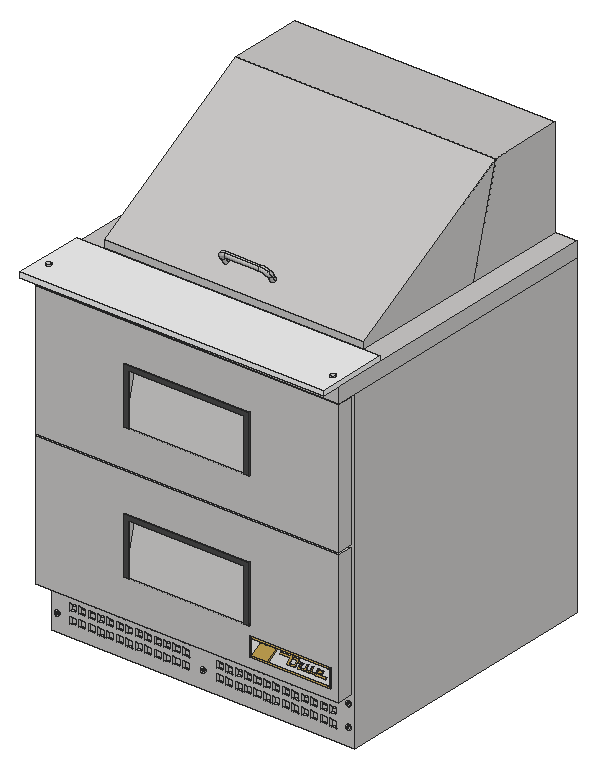
Revit family
Parameters
  Weight = "315 lbs."
  Watts = FL Amps * Volts  # 379.5 W
  Volts = 115 V
  URL Manufacturer = "www.truemfg.com"
  URL Cutsheet = "www.truemfg.com"
  URL = "www.truemfg.com"
  Type Mark [instance] = ""
  Status [instance] = ""
  Specification by User [instance] = ""
  Specification by Manufacturer = ""
  Show Logo [instance] = yes
  Show Clearance [instance] = yes
  Serial Number = ""
  Seismic Rating = ""
  SMACNA No = ""
  Revision Code [instance] = ""
  Phase = 1
  Omniclass Number and Title = ""
  Number of Poles [instance] = 1
  NAFEM Spec ID Number = ""
  Model = "TFP-32-12M-D-2"
  Min Ckt Ampacity = 3.3 A
  Max Overcurrent Protection = 5 A
  MasterSpec. = ""
  Manufacturer = "TRUE FOOD SERVICE EQUIPMENT, INC."
  Item Number [instance] = ""
  Installed By [instance] = ""
  Identify Quantity as Lot [instance] = yes
  HP = "1/5"
  Furnished By [instance] = ""
  Foodservice Equipment Identifier [instance] = yes
  FL Amps = 3.3 A
  Electrical Remarks [instance] = ""
  Electric Connection Type [instance] = ""
  Elec Conn RI Height [instance] = 0"
  Elec Conn Connection Height [instance] = 0"
  Description = "Drawered Food Prep Unit"
  Cycle = 60 Hz
  Conn Plug NEMA = "NEMA 5-15P"
  Conn Conduit = yes
  CSI MasterFormat = ""
  CSI Master Format = ""
  Apparent Power = if(Phase = 3, Volts * FL Amps * 1.73, Volts * FL Amps)  # 379.5 VA
Reference planes (in)
  plane 1 "BACK": y = -16.5
  plane 2: z = 0
  plane 3 "LEFT": x = 0
  plane 4 "RIGHT": x = 32.125
  plane 5 "FRONT": y = -50.03125
  plane 6 "TOP": z = 46.5
Forms (in)
  Extrusion 1, solid, material "QF_Finishes_Stainless Steel"
    sketch origin (8, -16, 0) x (1, 0, 0) y (0, 0, 1)
      loop
        line (-8, 0.75) -> (24.125, 0.75) -> (24.125, 6.05001) -> (-8, 6.05001) -> (-8, 0.75)
      loop
        line (-6.10691, 5.23339) -> (-6.10691, 4.48339) -> (-5.35691, 4.48339) -> (-5.35691, 5.23339) -> (-6.10691, 5.23339)
      loop
        line (-4.10691, 5.23339) -> (-4.10691, 4.48339) -> (-3.35691, 4.48339) -> (-3.35691, 5.23339) -> (-4.10691, 5.23339)
      loop
        line (-2.10691, 5.23339) -> (-2.10691, 4.48339) -> (-1.35691, 4.48339) -> (-1.35691, 5.23339) -> (-2.10691, 5.23339)
      loop
        line (-0.10691, 5.23339) -> (-0.10691, 4.48339) -> (0.64309, 4.48339) -> (0.64309, 5.23339) -> (-0.10691, 5.23339)
      loop
        line (1.89309, 5.23339) -> (1.89309, 4.48339) -> (2.64309, 4.48339) -> (2.64309, 5.23339) -> (1.89309, 5.23339)
      loop
        line (3.89309, 5.23339) -> (3.89309, 4.48339) -> (4.64309, 4.48339) -> (4.64309, 5.23339) -> (3.89309, 5.23339)
      loop
        line (5.89309, 5.23339) -> (5.89309, 4.48339) -> (6.64309, 4.48339) -> (6.64309, 5.23339) -> (5.89309, 5.23339)
      loop
        line (-6.10691, 3.98339) -> (-6.10691, 3.23339) -> (-5.35691, 3.23339) -> (-5.35691, 3.98339) -> (-6.10691, 3.98339)
      loop
        line (-4.10691, 3.98339) -> (-4.10691, 3.23339) -> (-3.35691, 3.23339) -> (-3.35691, 3.98339) -> (-4.10691, 3.98339)
      loop
        line (-2.10691, 3.98339) -> (-2.10691, 3.23339) -> (-1.35691, 3.23339) -> (-1.35691, 3.98339) -> (-2.10691, 3.98339)
      loop
        line (-0.10691, 3.98339) -> (-0.10691, 3.23339) -> (0.64309, 3.23339) -> (0.64309, 3.98339) -> (-0.10691, 3.98339)
      loop
        line (1.89309, 3.98339) -> (1.89309, 3.23339) -> (2.64309, 3.23339) -> (2.64309, 3.98339) -> (1.89309, 3.98339)
      loop
        line (3.89309, 3.98339) -> (3.89309, 3.23339) -> (4.64309, 3.23339) -> (4.64309, 3.98339) -> (3.89309, 3.98339)
      loop
        line (5.89309, 3.98339) -> (5.89309, 3.23339) -> (6.64309, 3.23339) -> (6.64309, 3.98339) -> (5.89309, 3.98339)
      loop
        line (-6.10691, 2.73339) -> (-6.10691, 1.98339) -> (-5.35691, 1.98339) -> (-5.35691, 2.73339) -> (-6.10691, 2.73339)
      loop
        line (-4.10691, 2.73339) -> (-4.10691, 1.98339) -> (-3.35691, 1.98339) -> (-3.35691, 2.73339) -> (-4.10691, 2.73339)
      loop
        line (-2.10691, 2.73339) -> (-2.10691, 1.98339) -> (-1.35691, 1.98339) -> (-1.35691, 2.73339) -> (-2.10691, 2.73339)
      loop
        line (-0.10691, 2.73339) -> (-0.10691, 1.98339) -> (0.64309, 1.98339) -> (0.64309, 2.73339) -> (-0.10691, 2.73339)
      loop
        line (1.89309, 2.73339) -> (1.89309, 1.98339) -> (2.64309, 1.98339) -> (2.64309, 2.73339) -> (1.89309, 2.73339)
      loop
        line (3.89309, 2.73339) -> (3.89309, 1.98339) -> (4.64309, 1.98339) -> (4.64309, 2.73339) -> (3.89309, 2.73339)
      loop
        line (5.89309, 2.73339) -> (5.89309, 1.98339) -> (6.64309, 1.98339) -> (6.64309, 2.73339) -> (5.89309, 2.73339)
      loop
        line (22.23191, 5.23339) -> (21.48191, 5.23339) -> (21.48191, 4.48339) -> (22.23191, 4.48339) -> (22.23191, 5.23339)
      loop
        line (20.23191, 5.23339) -> (19.48191, 5.23339) -> (19.48191, 4.48339) -> (20.23191, 4.48339) -> (20.23191, 5.23339)
      loop
        line (18.23191, 5.23339) -> (17.48191, 5.23339) -> (17.48191, 4.48339) -> (18.23191, 4.48339) -> (18.23191, 5.23339)
      loop
        line (16.23191, 5.23339) -> (15.48191, 5.23339) -> (15.48191, 4.48339) -> (16.23191, 4.48339) -> (16.23191, 5.23339)
      loop
        line (14.23191, 5.23339) -> (13.48191, 5.23339) -> (13.48191, 4.48339) -> (14.23191, 4.48339) -> (14.23191, 5.23339)
      loop
        line (12.23191, 5.23339) -> (11.48191, 5.23339) -> (11.48191, 4.48339) -> (12.23191, 4.48339) -> (12.23191, 5.23339)
      loop
        line (10.23191, 5.23339) -> (9.48191, 5.23339) -> (9.48191, 4.48339) -> (10.23191, 4.48339) -> (10.23191, 5.23339)
      loop
        line (22.23191, 3.98339) -> (21.48191, 3.98339) -> (21.48191, 3.23339) -> (22.23191, 3.23339) -> (22.23191, 3.98339)
      loop
        line (20.23191, 3.98339) -> (19.48191, 3.98339) -> (19.48191, 3.23339) -> (20.23191, 3.23339) -> (20.23191, 3.98339)
      loop
        line (18.23191, 3.98339) -> (17.48191, 3.98339) -> (17.48191, 3.23339) -> (18.23191, 3.23339) -> (18.23191, 3.98339)
      loop
        line (16.23191, 3.98339) -> (15.48191, 3.98339) -> (15.48191, 3.23339) -> (16.23191, 3.23339) -> (16.23191, 3.98339)
      loop
        line (14.23191, 3.98339) -> (13.48191, 3.98339) -> (13.48191, 3.23339) -> (14.23191, 3.23339) -> (14.23191, 3.98339)
      loop
        line (12.23191, 3.98339) -> (11.48191, 3.98339) -> (11.48191, 3.23339) -> (12.23191, 3.23339) -> (12.23191, 3.98339)
      loop
        line (10.23191, 3.98339) -> (9.48191, 3.98339) -> (9.48191, 3.23339) -> (10.23191, 3.23339) -> (10.23191, 3.98339)
      loop
        line (22.23191, 2.73339) -> (21.48191, 2.73339) -> (21.48191, 1.98339) -> (22.23191, 1.98339) -> (22.23191, 2.73339)
      loop
        line (20.23191, 2.73339) -> (19.48191, 2.73339) -> (19.48191, 1.98339) -> (20.23191, 1.98339) -> (20.23191, 2.73339)
      loop
        line (18.23191, 2.73339) -> (17.48191, 2.73339) -> (17.48191, 1.98339) -> (18.23191, 1.98339) -> (18.23191, 2.73339)
      loop
        line (16.23191, 2.73339) -> (15.48191, 2.73339) -> (15.48191, 1.98339) -> (16.23191, 1.98339) -> (16.23191, 2.73339)
      loop
        line (14.23191, 2.73339) -> (13.48191, 2.73339) -> (13.48191, 1.98339) -> (14.23191, 1.98339) -> (14.23191, 2.73339)
      loop
        line (12.23191, 2.73339) -> (11.48191, 2.73339) -> (11.48191, 1.98339) -> (12.23191, 1.98339) -> (12.23191, 2.73339)
      loop
        line (10.23191, 2.73339) -> (9.48191, 2.73339) -> (9.48191, 1.98339) -> (10.23191, 1.98339) -> (10.23191, 2.73339)
      loop
        line (-5.10691, 5.23339) -> (-5.10691, 4.48339) -> (-4.35691, 4.48339) -> (-4.35691, 5.23339) -> (-5.10691, 5.23339)
      loop
        line (-5.10691, 3.98339) -> (-5.10691, 3.23339) -> (-4.35691, 3.23339) -> (-4.35691, 3.98339) -> (-5.10691, 3.98339)
      loop
        line (-5.10691, 2.73339) -> (-5.10691, 1.98339) -> (-4.35691, 1.98339) -> (-4.35691, 2.73339) -> (-5.10691, 2.73339)
      loop
        line (-3.10691, 5.23339) -> (-3.10691, 4.48339) -> (-2.35691, 4.48339) -> (-2.35691, 5.23339) -> (-3.10691, 5.23339)
      loop
        line (-3.10691, 3.98339) -> (-3.10691, 3.23339) -> (-2.35691, 3.23339) -> (-2.35691, 3.98339) -> (-3.10691, 3.98339)
      loop
        line (-3.10691, 2.73339) -> (-3.10691, 1.98339) -> (-2.35691, 1.98339) -> (-2.35691, 2.73339) -> (-3.10691, 2.73339)
      loop
        line (-1.10691, 5.23339) -> (-1.10691, 4.48339) -> (-0.35691, 4.48339) -> (-0.35691, 5.23339) -> (-1.10691, 5.23339)
      loop
        line (-1.10691, 3.98339) -> (-1.10691, 3.23339) -> (-0.35691, 3.23339) -> (-0.35691, 3.98339) -> (-1.10691, 3.98339)
      loop
        line (-1.10691, 2.73339) -> (-1.10691, 1.98339) -> (-0.35691, 1.98339) -> (-0.35691, 2.73339) -> (-1.10691, 2.73339)
      loop
        line (0.89309, 5.23339) -> (0.89309, 4.48339) -> (1.64309, 4.48339) -> (1.64309, 5.23339) -> (0.89309, 5.23339)
      loop
        line (0.89309, 3.98339) -> (0.89309, 3.23339) -> (1.64309, 3.23339) -> (1.64309, 3.98339) -> (0.89309, 3.98339)
      loop
        line (0.89309, 2.73339) -> (0.89309, 1.98339) -> (1.64309, 1.98339) -> (1.64309, 2.73339) -> (0.89309, 2.73339)
      loop
        line (2.89309, 5.23339) -> (2.89309, 4.48339) -> (3.64309, 4.48339) -> (3.64309, 5.23339) -> (2.89309, 5.23339)
      loop
        line (2.89309, 3.98339) -> (2.89309, 3.23339) -> (3.64309, 3.23339) -> (3.64309, 3.98339) -> (2.89309, 3.98339)
      loop
        line (2.89309, 2.73339) -> (2.89309, 1.98339) -> (3.64309, 1.98339) -> (3.64309, 2.73339) -> (2.89309, 2.73339)
      loop
        line (4.89309, 5.23339) -> (4.89309, 4.48339) -> (5.64309, 4.48339) -> (5.64309, 5.23339) -> (4.89309, 5.23339)
      loop
        line (4.89309, 3.98339) -> (4.89309, 3.23339) -> (5.64309, 3.23339) -> (5.64309, 3.98339) -> (4.89309, 3.98339)
      loop
        line (4.89309, 2.73339) -> (4.89309, 1.98339) -> (5.64309, 1.98339) -> (5.64309, 2.73339) -> (4.89309, 2.73339)
      loop
        line (10.48191, 5.23339) -> (10.48191, 4.48339) -> (11.23191, 4.48339) -> (11.23191, 5.23339) -> (10.48191, 5.23339)
      loop
        line (10.48191, 3.98339) -> (10.48191, 3.23339) -> (11.23191, 3.23339) -> (11.23191, 3.98339) -> (10.48191, 3.98339)
      loop
        line (10.48191, 2.73339) -> (10.48191, 1.98339) -> (11.23191, 1.98339) -> (11.23191, 2.73339) -> (10.48191, 2.73339)
      loop
        line (12.48191, 5.23339) -> (12.48191, 4.48339) -> (13.23191, 4.48339) -> (13.23191, 5.23339) -> (12.48191, 5.23339)
      loop
        line (12.48191, 3.98339) -> (12.48191, 3.23339) -> (13.23191, 3.23339) -> (13.23191, 3.98339) -> (12.48191, 3.98339)
      loop
        line (12.48191, 2.73339) -> (12.48191, 1.98339) -> (13.23191, 1.98339) -> (13.23191, 2.73339) -> (12.48191, 2.73339)
      loop
        line (14.48191, 5.23339) -> (14.48191, 4.48339) -> (15.23191, 4.48339) -> (15.23191, 5.23339) -> (14.48191, 5.23339)
      loop
        line (14.48191, 3.98339) -> (14.48191, 3.23339) -> (15.23191, 3.23339) -> (15.23191, 3.98339) -> (14.48191, 3.98339)
      loop
        line (14.48191, 2.73339) -> (14.48191, 1.98339) -> (15.23191, 1.98339) -> (15.23191, 2.73339) -> (14.48191, 2.73339)
      loop
        line (16.48191, 5.23339) -> (16.48191, 4.48339) -> (17.23191, 4.48339) -> (17.23191, 5.23339) -> (16.48191, 5.23339)
      loop
        line (16.48191, 3.98339) -> (16.48191, 3.23339) -> (17.23191, 3.23339) -> (17.23191, 3.98339) -> (16.48191, 3.98339)
      loop
        line (16.48191, 2.73339) -> (16.48191, 1.98339) -> (17.23191, 1.98339) -> (17.23191, 2.73339) -> (16.48191, 2.73339)
      loop
        line (18.48191, 5.23339) -> (18.48191, 4.48339) -> (19.23191, 4.48339) -> (19.23191, 5.23339) -> (18.48191, 5.23339)
      loop
        line (18.48191, 3.98339) -> (18.48191, 3.23339) -> (19.23191, 3.23339) -> (19.23191, 3.98339) -> (18.48191, 3.98339)
      loop
        line (18.48191, 2.73339) -> (18.48191, 1.98339) -> (19.23191, 1.98339) -> (19.23191, 2.73339) -> (18.48191, 2.73339)
      loop
        line (20.48191, 5.23339) -> (20.48191, 4.48339) -> (21.23191, 4.48339) -> (21.23191, 5.23339) -> (20.48191, 5.23339)
      loop
        line (20.48191, 3.98339) -> (20.48191, 3.23339) -> (21.23191, 3.23339) -> (21.23191, 3.98339) -> (20.48191, 3.98339)
      loop
        line (20.48191, 2.73339) -> (20.48191, 1.98339) -> (21.23191, 1.98339) -> (21.23191, 2.73339) -> (20.48191, 2.73339)
    from 29.62 to 29.87
  Extrusion 2, solid, material "QF_Finishes_Stainless Steel"
    sketch origin (0.125, 0, 0) x (0, 1, 0) y (0, 0, 1)
      loop
        line (-16.5, 36) -> (-16.5, 46.5) -> (-24.34375, 46.5) -> (-27.1875, 36) -> (-16.5, 36)
    from 2.18737 to 29.68737
  Extrusion 3, solid, material "QF_Finishes_Stainless Steel"
    sketch origin (0, 0, 0) x (0, 1, 0) y (0, 0, 1)
      loop
        line (-27.1875, 36) -> (-24.34375, 46.5) -> (-41.71875, 36.68893) -> (-41.71875, 36) -> (-27.1875, 36)
    from 2.31237 to 29.81237
  Extrusion 4, solid, material "QF_Finishes_Stainless Steel"
    sketch origin (0, 0, 0) x (0, 1, 0) y (0, 0, 1)
      loop
        line (-48, 36) -> (-48, 34.40823) -> (-16.5, 34.40823) -> (-16.5, 36) -> (-48, 36)
    from 0 to 32.125
  Extrusion 5, solid, material "QF_Finishes_Stainless Steel"
    sketch origin (0, 0, 0) x (0, 1, 0) y (0, 0, 1)
      loop
        line (-45.87, 34.40823) -> (-45.87, 6.04042) -> (-16.96875, 6.04042) -> (-16.96875, 3.25) -> (-45.12, 3.25) -> (-45.12, 1) -> (-45.62, 1) -> (-45.62, 0.75) -> (-44.87, 0.75) -> (-44.87, 3) -> (-16.96875, 3) -> (-16.96875, 0.75) -> (-16.5, 0.75) -> (-16.5, 34.40823) -> (-45.87, 34.40823)
    from 0 to 32.125
  Extrusion 6, solid, material "QF_Finishes_Stainless Steel"
    sketch origin (0, -16.5, 0) x (1, 0, 0) y (0, 0, 1)
      loop
        line (0, 0.75) -> (0.53645, 0.75) -> (0.53645, 6.04042) -> (0, 6.04042) -> (0, 0.75)
      loop
        line (32.125, 0.75) -> (32.125, 6.04042) -> (31.58855, 6.04042) -> (31.58855, 0.75) -> (32.125, 0.75)
    from 0 to 29.12
  Extrusion 7, solid, material "QF_Finishes_Stainless Steel"
    sketch origin (0, -15, 0) x (1, 0, 0) y (0, 0, 1)
      loop
        line (0, 6.04042) -> (32.125, 6.04042) -> (32.125, 20.03323) -> (0, 20.03323) -> (0, 6.04042)
      loop
        line (32.125, 34.28323) -> (0, 34.28323) -> (0, 20.28323) -> (32.125, 20.28323) -> (32.125, 34.28323)
      loop
        line (9.4375, 24.28323) -> (22.6875, 24.28323) -> (22.6875, 30.28323) -> (9.4375, 30.28323) -> (9.4375, 24.28323)
      loop
        line (9.4375, 10.04042) -> (22.6875, 10.04042) -> (22.6875, 16.04042) -> (9.4375, 16.04042) -> (9.4375, 10.04042)
    from 31.44201 to 33
  Extrusion 8, solid, material "QF_Finishes_Black"
    sketch origin (0, 1.5, 0) x (0, 1, 0) y (0, 0, 1)
      loop
        line (-47.94201, 33.8406) -> (-47.94201, 20.62458) -> (-47.37, 20.62458) -> (-47.37, 33.8406) -> (-47.94201, 33.8406)
      loop
        line (-47.94201, 19.61128) -> (-47.94201, 6.82675) -> (-47.37, 6.82675) -> (-47.37, 19.61128) -> (-47.94201, 19.61128)
    from 0.53645 to 31.58855
  Extrusion 9, solid, material "QF_Finishes_Stainless Steel"
    sketch origin (0, 1.5, 0) x (0, 1, 0) y (0, 0, 1)
      loop
        line (-47.94201, 16.04042) -> (-49.5, 10.04042) -> (-47.94201, 10.04042) -> (-47.94201, 16.04042)
      loop
        line (-47.94201, 30.28323) -> (-49.5, 24.28323) -> (-47.94201, 24.28323) -> (-47.94201, 30.28323)
    from 9.4375 to 22.6875
  Extrusion 10, solid, material "QF_Finishes_Black"
    sketch origin (0, -48, 0) x (1, 0, 0) y (0, 0, 1)
      loop
        line (22.6875, 16.04042) -> (9.4375, 16.04042) -> (9.4375, 10.04042) -> (9.9375, 10.04042) -> (9.9375, 15.54042) -> (22.1875, 15.54042) -> (22.1875, 10.04042) -> (22.6875, 10.04042) -> (22.6875, 16.04042)
      loop
        line (22.6875, 30.28323) -> (9.4375, 30.28323) -> (9.4375, 24.28323) -> (9.9375, 24.28323) -> (9.9375, 29.78323) -> (22.1875, 29.78323) -> (22.1875, 24.28323) -> (22.6875, 24.28323) -> (22.6875, 30.28323)
    from 0 to 0.125
  Extrusion 11, solid, material "QF_Finishes_White"
    sketch origin (0, 0, 0) x (0, 1, 0) y (0, 0, 1)
      loop
        line (-50.03125, 36.5) -> (-50.03125, 36) -> (-42.53125, 36) -> (-42.53125, 36.5) -> (-50.03125, 36.5)
    from 0 to 32.125
  Sweep 12, solid, material "QF_Finishes_Stainless Steel"
    path origin (-0.09375, -19.52146, 7.92906) x (1, 0, 0) y (0, -0.560766, 0.827974)
      loop
        line (18.42574, 36.0969) -> (18.42574, 36.8469)
        arc (18.42574, 36.8469) -> (18.29892, 37.15309) -> (17.99273, 37.27992) r 0.43301
        line (17.99273, 37.27992) -> (14.37051, 37.27992)
        arc (14.37051, 37.27992) -> (14.06433, 37.15309) -> (13.9375, 36.8469) r 0.43301
        line (13.9375, 36.8469) -> (13.9375, 36.0969)
    profile origin (13.84375, -39.97367, 38.12686) x (1, 0, 0) y (0, -0.827974, -0.560766)
      loop
        circle (-0.25, 0) r 0.25
  Extrusion 13, solid, material "QF_Finishes_Handrails and Railings"
    sketch origin (0, -45.87, 0) x (1, 0, 0) y (0, 0, 1)
      loop
        circle (0.625, 4.80001) r 0.25
      loop
        circle (0.625, 2.55001) r 0.25
      loop
        line (0.60938, 4.93254) -> (0.60938, 4.81564) -> (0.49788, 4.81564) -> (0.49788, 4.78439) -> (0.60938, 4.78439) -> (0.60938, 4.66749) -> (0.64063, 4.66749) -> (0.64063, 4.78439) -> (0.75212, 4.78439) -> (0.75212, 4.81564) -> (0.64063, 4.81564) -> (0.64063, 4.93254) -> (0.60938, 4.93254)
      loop
        line (0.60937, 2.68254) -> (0.60937, 2.56564) -> (0.49788, 2.56564) -> (0.49788, 2.53439) -> (0.60937, 2.53439) -> (0.60937, 2.41749) -> (0.64062, 2.41749) -> (0.64062, 2.53439) -> (0.75212, 2.53439) -> (0.75212, 2.56564) -> (0.64062, 2.56564) -> (0.64062, 2.68254) -> (0.60937, 2.68254)
    from 0 to 0.0625
  Extrusion 14, solid, material "QF_Finishes_Handrails and Railings"
    sketch origin (15.4375, -45.87, 0) x (1, 0, 0) y (0, 0, 1)
      loop
        circle (0.625, 4.80001) r 0.25
      loop
        circle (0.625, 2.55001) r 0.25
      loop
        line (0.60938, 4.93254) -> (0.60938, 4.81564) -> (0.49788, 4.81564) -> (0.49788, 4.78439) -> (0.60938, 4.78439) -> (0.60938, 4.66749) -> (0.64063, 4.66749) -> (0.64063, 4.78439) -> (0.75212, 4.78439) -> (0.75212, 4.81564) -> (0.64063, 4.81564) -> (0.64063, 4.93254) -> (0.60938, 4.93254)
      loop
        line (0.60937, 2.68254) -> (0.60937, 2.56564) -> (0.49788, 2.56564) -> (0.49788, 2.53439) -> (0.60937, 2.53439) -> (0.60937, 2.41749) -> (0.64062, 2.41749) -> (0.64062, 2.53439) -> (0.75212, 2.53439) -> (0.75212, 2.56564) -> (0.64062, 2.56564) -> (0.64062, 2.68254) -> (0.60937, 2.68254)
    from 0 to 0.0625
  Extrusion 15, solid, material "QF_Finishes_Handrails and Railings"
    sketch origin (32.125, -45.87, 0) x (-1, 0, 0) y (0, 0, -1)
      loop
        circle (0.625, -4.80001) r 0.25
      loop
        circle (0.625, -2.55001) r 0.25
      loop
        line (0.60938, -4.93254) -> (0.64062, -4.93254) -> (0.64062, -4.81564) -> (0.75212, -4.81564) -> (0.75212, -4.78439) -> (0.64062, -4.78439) -> (0.64062, -4.66749) -> (0.60938, -4.66749) -> (0.60938, -4.78439) -> (0.49788, -4.78439) -> (0.49788, -4.81564) -> (0.60938, -4.81564) -> (0.60938, -4.93254)
      loop
        line (0.60937, -2.68254) -> (0.64062, -2.68254) -> (0.64062, -2.56564) -> (0.75212, -2.56564) -> (0.75212, -2.53439) -> (0.64062, -2.53439) -> (0.64062, -2.41749) -> (0.60937, -2.41749) -> (0.60937, -2.53439) -> (0.49788, -2.53439) -> (0.49788, -2.56564) -> (0.60937, -2.56564) -> (0.60937, -2.68254)
    from 0 to 0.0625
  Extrusion 16, solid, material "QF_Finishes_Satin - Goldenrod", visible <- "Show Logo"
    sketch origin (21.86083, -13.23203, -22.37075) x (1, 0, 0) y (0, 0, 1)
      loop
        line (4.18351, 31.09206) -> (4.10478, 30.92323) -> (5.15208, 30.92323)
        arc (5.15208, 30.92323) -> (5.17333, 30.88564) -> (5.15208, 30.84805) r 0.04386
        line (5.15208, 30.84805) -> (4.87892, 30.26228)
        arc (4.87892, 30.26228) -> (4.87656, 30.20802) -> (4.91325, 30.16798) r 0.07096
        line (4.91325, 30.16798) -> (5.5829, 30.16798)
        arc (5.5829, 30.16798) -> (5.66746, 30.19464) -> (5.72144, 30.26498) r 0.14742
        line (5.72144, 30.26498) -> (5.9364, 30.72597) -> (6.1339, 30.72597)
        arc (6.1339, 30.72597) -> (6.18572, 30.70692) -> (6.17822, 30.65222) r 0.04405
        line (6.17822, 30.65222) -> (5.99835, 30.26649)
        arc (5.99835, 30.26649) -> (6.00115, 30.20243) -> (6.05523, 30.16798) r 0.06943
        line (6.05523, 30.16798) -> (6.64365, 30.16798)
        arc (6.64365, 30.16798) -> (6.68873, 30.18439) -> (6.71272, 30.22594) r 0.07014
        arc (6.71272, 30.22594) -> (6.7297, 30.18495) -> (6.77068, 30.16798) r 0.05796
        line (6.77068, 30.16798) -> (7.14325, 30.16798)
        arc (7.14325, 30.16798) -> (7.18629, 30.17951) -> (7.2178, 30.21102) r 0.08608
        arc (7.2178, 30.21102) -> (7.23289, 30.1746) -> (7.26931, 30.15952) r 0.0515
        line (7.26931, 30.15952) -> (7.79882, 30.15952)
        arc (7.79882, 30.15952) -> (7.84211, 30.17745) -> (7.86005, 30.22074) r 0.06122
        arc (7.86005, 30.22074) -> (7.89973, 30.18105) -> (7.95394, 30.16653) r 0.10842
        line (7.95394, 30.16653) -> (8.94586, 30.16653) -> (9.05604, 30.35737) -> (8.05555, 30.35737)
        arc (8.05555, 30.35737) -> (8.02794, 30.37652) -> (8.02691, 30.41011) r 0.03732
        line (8.02691, 30.41011) -> (8.04422, 30.44722)
        arc (8.04422, 30.44722) -> (8.07079, 30.48203) -> (8.11255, 30.49524) r 0.07263
        line (8.11255, 30.49524) -> (8.43414, 30.49524)
        arc (8.43414, 30.49524) -> (8.50355, 30.51383) -> (8.55436, 30.56465) r 0.13882
        line (8.55436, 30.56465) -> (8.6475, 30.72597)
        arc (8.6475, 30.72597) -> (8.6475, 30.81208) -> (8.57293, 30.85513) r 0.08611
        line (8.57293, 30.85513) -> (8.23352, 30.85513)
        arc (8.23352, 30.85513) -> (8.14699, 30.84044) -> (8.08663, 30.77673) r 0.13863
        line (8.08663, 30.77673) -> (7.92534, 30.43083)
        arc (7.92534, 30.43083) -> (7.87774, 30.3688) -> (7.80316, 30.34528) r 0.13002
        line (7.80316, 30.34528) -> (7.45109, 30.34528)
        arc (7.45109, 30.34528) -> (7.40895, 30.39128) -> (7.41167, 30.4536) r 0.08151
        line (7.41167, 30.4536) -> (7.59891, 30.85513) -> (7.47974, 30.85513) -> (7.28137, 30.42972)
        arc (7.28137, 30.42972) -> (7.24283, 30.37949) -> (7.18244, 30.36046) r 0.10527
        line (7.18244, 30.36046) -> (6.93967, 30.36046)
        arc (6.93967, 30.36046) -> (6.89865, 30.41392) -> (6.90744, 30.48073) r 0.08805
        line (6.90744, 30.48073) -> (7.08203, 30.85513) -> (6.95897, 30.85513) -> (6.75801, 30.42418)
        arc (6.75801, 30.42418) -> (6.71136, 30.37753) -> (6.64764, 30.36046) r 0.12745
        line (6.64764, 30.36046) -> (6.29609, 30.36046)
        arc (6.29609, 30.36046) -> (6.23295, 30.3899) -> (6.22688, 30.4593) r 0.06967
        line (6.22688, 30.4593) -> (6.34243, 30.70711) -> (6.50577, 30.70711)
        arc (6.50577, 30.70711) -> (6.53334, 30.79018) -> (6.592, 30.85513) r 0.21289
        line (6.592, 30.85513) -> (5.95369, 30.85513)
        arc (5.95369, 30.85513) -> (5.88276, 30.83941) -> (5.83367, 30.78584) r 0.12081
        line (5.83367, 30.78584) -> (5.66065, 30.4148)
        arc (5.66065, 30.4148) -> (5.62087, 30.37502) -> (5.56653, 30.36046) r 0.10869
        line (5.56653, 30.36046) -> (5.18545, 30.36046)
        arc (5.18545, 30.36046) -> (5.15571, 30.40065) -> (5.16137, 30.45033) r 0.06822
        line (5.16137, 30.45033) -> (5.41281, 30.92323) -> (6.04721, 30.92323) -> (6.12594, 31.09206) -> (5.49154, 31.09206) -> (5.57027, 31.2609) -> (5.34459, 31.2609) -> (5.26586, 31.09206) -> (4.18351, 31.09206)
      loop
        arc (8.19062, 30.70184) -> (8.16316, 30.69448) -> (8.14305, 30.67438) r 0.05494
        line (8.14305, 30.67438) -> (8.12672, 30.62415)
        arc (8.12672, 30.62415) -> (8.13429, 30.60587) -> (8.15258, 30.59829) r 0.02586
        line (8.15258, 30.59829) -> (8.43014, 30.59829)
        arc (8.43014, 30.59829) -> (8.45013, 30.60273) -> (8.46638, 30.6152) r 0.04731
        line (8.46638, 30.6152) -> (8.47988, 30.6777)
        arc (8.47988, 30.6777) -> (8.47591, 30.69443) -> (8.46039, 30.70184) r 0.01994
        line (8.46039, 30.70184) -> (8.19062, 30.70184)
      loop
        line (1.13539, 29.6475) -> (2.84485, 29.6475) -> (3.77016, 31.25018) -> (2.0607, 31.25018) -> (1.13539, 29.6475)
    from 34.76797 to 34.83173
  Extrusion 17, solid, material "QF_Finishes_White", visible <- "Show Logo"
    sketch origin (-42.64127, -13.25, -25.21535) x (1, 0, 0) y (0, 0, 1)
      loop
        line (73.84232, 34.15728) -> (65.51732, 34.15728) -> (65.51732, 32.4296) -> (73.84232, 32.4296) -> (73.84232, 34.15728)
    from 34.75 to 34.76797
  Extrusion 18, solid, material "QF_Finishes_Satin - Goldenrod", visible <- "Show Logo"
    sketch origin (-42.64127, -13.25, -25.21535) x (1, 0, 0) y (0, 0, 1)
      loop
        line (73.97982, 34.29477) -> (65.37982, 34.29477) -> (65.37982, 32.2921) -> (73.97982, 32.2921) -> (73.97982, 34.29477)
      loop
        line (65.51732, 34.15728) -> (65.51732, 32.4296) -> (73.84232, 32.4296) -> (73.84232, 34.15728) -> (65.51732, 34.15728)
    from 34.75 to 34.80335
  Revolve 19, solid, material "QF_Finishes_Black"
    sketch origin (1.76401, -42.04829, 0.25) x (1, 0, 0) y (0, 0, 1)
      loop
        line (2.62908, 2.14592) -> (2.525, 2.25) -> (1.475, 2.25) -> (1.375, 2.15) -> (1.375, 1.10871) -> (1.05969, 1.10871) -> (1.05969, 1) -> (2.94031, 1) -> (2.94031, 1.10871) -> (2.62908, 1.10871) -> (2.62908, 2.14592)
      axis (2.94031, 1) -> (1.05969, 1)
    angle from 0 to 360
  Revolve 20, solid, material "QF_Finishes_Chrome - Satin"
    sketch origin (1.76605, -42.79776, -2.97972) x (1, 0, 0) y (0, 0, 1)
      loop
        line (2, 5.74546) -> (2, 5.97972) -> (0.70293, 5.97972) -> (0.70293, 5.74546) -> (2, 5.74546)
      axis (2, 5.74546) -> (2, 5.97972)
    angle from 0 to 360
  Extrusion 21, solid, material "QF_Finishes_Handrails and Railings"
    sketch origin (-46.0152, -14.33096, -2.47972) x (0, 1, 0) y (0, 0, 1)
      loop
        line (-29.85761, 5.24546) -> (-29.85761, 5.04886) -> (-27.1095, 5.04886) -> (-27.1095, 5.24546) -> (-29.85761, 5.24546)
    from 49.10625 to 50.45625
  Extrusion 22, solid, material "QF_Finishes_Handrails and Railings"
    sketch origin (1.76605, -12.67471, -2.21999) x (0, 1, 0) y (0, 0, 1)
      loop
        line (-31.51386, 4.98574) -> (-31.51386, 4.78914) -> (-31.17057, 4.78914) -> (-29.89421, 3.10275)
        arc (-29.89421, 3.10275) -> (-29.21858, 2.8289) -> (-28.76575, 3.40024) r 0.60806
        line (-28.76575, 3.40024) -> (-28.76575, 4.98574) -> (-31.51386, 4.98574)
    from 1.175 to 1.325
  Extrusion 23, solid, material "QF_Finishes_Handrails and Railings"
    sketch origin (5.76605, -12.67471, -2.21999) x (0, 1, 0) y (0, 0, -1)
      loop
        line (-31.51386, -4.98574) -> (-28.76575, -4.98574) -> (-28.76575, -3.40024)
        arc (-28.76575, -3.40024) -> (-29.21858, -2.8289) -> (-29.89421, -3.10275) r 0.60806
        line (-29.89421, -3.10275) -> (-31.17057, -4.78914) -> (-31.51386, -4.78914) -> (-31.51386, -4.98574)
    from 1.175 to 1.325
  Revolve 24, solid, material "QF_Finishes_Black"
    sketch origin (1.76401, -18.86079, 0.25) x (1, 0, 0) y (0, 0, 1)
      loop
        line (2.62908, 2.14592) -> (2.525, 2.25) -> (1.475, 2.25) -> (1.375, 2.15) -> (1.375, 1.10871) -> (1.05969, 1.10871) -> (1.05969, 1) -> (2.94031, 1) -> (2.94031, 1.10871) -> (2.62908, 1.10871) -> (2.62908, 2.14592)
      axis (2.94031, 1) -> (1.05969, 1)
    angle from 0 to 360
  Revolve 25, solid, material "QF_Finishes_Chrome - Satin"
    sketch origin (1.76605, -19.61026, -2.97972) x (1, 0, 0) y (0, 0, 1)
      loop
        line (2, 5.74546) -> (2, 5.97972) -> (0.70293, 5.97972) -> (0.70293, 5.74546) -> (2, 5.74546)
      axis (2, 5.74546) -> (2, 5.97972)
    angle from 0 to 360
  Extrusion 26, solid, material "QF_Finishes_Handrails and Railings"
    sketch origin (-46.0152, 8.85654, -2.47972) x (0, 1, 0) y (0, 0, 1)
      loop
        line (-29.85761, 5.24546) -> (-29.85761, 5.04886) -> (-27.1095, 5.04886) -> (-27.1095, 5.24546) -> (-29.85761, 5.24546)
    from 49.10625 to 50.45625
  Extrusion 27, solid, material "QF_Finishes_Handrails and Railings"
    sketch origin (1.76605, 10.51279, -2.21999) x (0, 1, 0) y (0, 0, 1)
      loop
        line (-31.51386, 4.98574) -> (-31.51386, 4.78914) -> (-31.17057, 4.78914) -> (-29.89421, 3.10275)
        arc (-29.89421, 3.10275) -> (-29.21858, 2.8289) -> (-28.76575, 3.40024) r 0.60806
        line (-28.76575, 3.40024) -> (-28.76575, 4.98574) -> (-31.51386, 4.98574)
    from 1.175 to 1.325
  Extrusion 28, solid, material "QF_Finishes_Handrails and Railings"
    sketch origin (5.76605, 10.51279, -2.21999) x (0, 1, 0) y (0, 0, -1)
      loop
        line (-31.51386, -4.98574) -> (-28.76575, -4.98574) -> (-28.76575, -3.40024)
        arc (-28.76575, -3.40024) -> (-29.21858, -2.8289) -> (-29.89421, -3.10275) r 0.60806
        line (-29.89421, -3.10275) -> (-31.17057, -4.78914) -> (-31.51386, -4.78914) -> (-31.51386, -4.98574)
    from 1.175 to 1.325
  Revolve 29, solid, material "QF_Finishes_Black"
    sketch origin (30.36099, -42.04829, 0.25) x (-1, 0, 0) y (0, 0, -1)
      loop
        line (2.62908, -2.14592) -> (2.62908, -1.10871) -> (2.94031, -1.10871) -> (2.94031, -1) -> (1.05969, -1) -> (1.05969, -1.10871) -> (1.375, -1.10871) -> (1.375, -2.15) -> (1.475, -2.25) -> (2.525, -2.25) -> (2.62908, -2.14592)
      axis (2.94031, -1) -> (1.05969, -1)
    angle from 0 to 360
  Revolve 30, solid, material "QF_Finishes_Chrome - Satin"
    sketch origin (30.35895, -42.79776, -2.97972) x (-1, 0, 0) y (0, 0, -1)
      loop
        line (2, -5.74546) -> (0.70293, -5.74546) -> (0.70293, -5.97972) -> (2, -5.97972) -> (2, -5.74546)
      axis (2, -5.74546) -> (2, -5.97972)
    angle from 0 to 360
  Extrusion 31, solid, material "QF_Finishes_Handrails and Railings"
    sketch origin (78.1402, -14.33096, -2.47972) x (0, 1, 0) y (0, 0, -1)
      loop
        line (-29.85761, -5.24546) -> (-27.1095, -5.24546) -> (-27.1095, -5.04886) -> (-29.85761, -5.04886) -> (-29.85761, -5.24546)
    from 49.10625 to 50.45625
  Extrusion 32, solid, material "QF_Finishes_Handrails and Railings"
    sketch origin (30.35895, -12.67471, -2.21999) x (0, 1, 0) y (0, 0, -1)
      loop
        line (-31.51386, -4.98574) -> (-28.76575, -4.98574) -> (-28.76575, -3.40024)
        arc (-28.76575, -3.40024) -> (-29.21858, -2.8289) -> (-29.89421, -3.10275) r 0.60806
        line (-29.89421, -3.10275) -> (-31.17057, -4.78914) -> (-31.51386, -4.78914) -> (-31.51386, -4.98574)
    from 1.175 to 1.325
  Extrusion 33, solid, material "QF_Finishes_Handrails and Railings"
    sketch origin (26.35895, -12.67471, -2.21999) x (0, 1, 0) y (0, 0, 1)
      loop
        line (-31.51386, 4.98574) -> (-31.51386, 4.78914) -> (-31.17057, 4.78914) -> (-29.89421, 3.10275)
        arc (-29.89421, 3.10275) -> (-29.21858, 2.8289) -> (-28.76575, 3.40024) r 0.60806
        line (-28.76575, 3.40024) -> (-28.76575, 4.98574) -> (-31.51386, 4.98574)
    from 1.175 to 1.325
  Revolve 34, solid, material "QF_Finishes_Black"
    sketch origin (30.36099, -18.86079, 0.25) x (-1, 0, 0) y (0, 0, -1)
      loop
        line (2.62908, -2.14592) -> (2.62908, -1.10871) -> (2.94031, -1.10871) -> (2.94031, -1) -> (1.05969, -1) -> (1.05969, -1.10871) -> (1.375, -1.10871) -> (1.375, -2.15) -> (1.475, -2.25) -> (2.525, -2.25) -> (2.62908, -2.14592)
      axis (2.94031, -1) -> (1.05969, -1)
    angle from 0 to 360
  Revolve 35, solid, material "QF_Finishes_Chrome - Satin"
    sketch origin (30.35895, -19.61026, -2.97972) x (-1, 0, 0) y (0, 0, -1)
      loop
        line (2, -5.74546) -> (0.70293, -5.74546) -> (0.70293, -5.97972) -> (2, -5.97972) -> (2, -5.74546)
      axis (2, -5.74546) -> (2, -5.97972)
    angle from 0 to 360
  Extrusion 36, solid, material "QF_Finishes_Handrails and Railings"
    sketch origin (78.1402, 8.85654, -2.47972) x (0, 1, 0) y (0, 0, -1)
      loop
        line (-29.85761, -5.24546) -> (-27.1095, -5.24546) -> (-27.1095, -5.04886) -> (-29.85761, -5.04886) -> (-29.85761, -5.24546)
    from 49.10625 to 50.45625
  Extrusion 37, solid, material "QF_Finishes_Handrails and Railings"
    sketch origin (30.35895, 10.51279, -2.21999) x (0, 1, 0) y (0, 0, -1)
      loop
        line (-31.51386, -4.98574) -> (-28.76575, -4.98574) -> (-28.76575, -3.40024)
        arc (-28.76575, -3.40024) -> (-29.21858, -2.8289) -> (-29.89421, -3.10275) r 0.60806
        line (-29.89421, -3.10275) -> (-31.17057, -4.78914) -> (-31.51386, -4.78914) -> (-31.51386, -4.98574)
    from 1.175 to 1.325
  Extrusion 38, solid, material "QF_Finishes_Handrails and Railings"
    sketch origin (26.35895, 10.51279, -2.21999) x (0, 1, 0) y (0, 0, 1)
      loop
        line (-31.51386, 4.98574) -> (-31.51386, 4.78914) -> (-31.17057, 4.78914) -> (-29.89421, 3.10275)
        arc (-29.89421, 3.10275) -> (-29.21858, 2.8289) -> (-28.76575, 3.40024) r 0.60806
        line (-28.76575, 3.40024) -> (-28.76575, 4.98574) -> (-31.51386, 4.98574)
    from 1.175 to 1.325
  Extrusion 39, solid, material "QF_Finishes_Stainless Steel"
    sketch origin (0, -16.5, 0) x (1, 0, 0) y (0, 0, 1)
      loop
        circle (29.81237, 6.1875) r 0.25
    from 0 to 0.125
  Extrusion 40, solid, material "QF_Finishes_Handrails and Railings"
    sketch origin (0, 0, 36.5) x (1, 0, 0) y (0, 1, 0)
      loop
        circle (31.125, -47.5255) r 0.25
      loop
        circle (1, -47.5255) r 0.25
    from 0 to 0.0625
  Extrusion 41, solid, material "QF_Finishes_Drawer Clearance", visible <- "Show Clearance", detail levels coarse
    sketch origin (47.4169, 20.29294, 0) x (-1, 0, 0) y (0, -1, 0)
      loop
        line (15.2919, 68.29294) -> (47.4169, 68.29294) -> (47.4169, 92.16794) -> (15.2919, 92.16794) -> (15.2919, 68.29294)
    from 6.04042 to 34.28323
Cuts and joins
  joined: Extrusion 1, Extrusion 5, Extrusion 6
Lines and regions (in)
  symbolic lines
    curve 1: line (0, -16.5, 0) -> (32.125, -16.5, 0)
    curve 2: line (0, -50.03125, 0) -> (0, -16.5, 0)
    curve 3: line (32.125, -50.03125, 0) -> (0, -50.03125, 0)
    curve 4: line (32.125, -16.5, 0) -> (32.125, -50.03125, 0)
    curve 5: line (32.125, -42.53125, 0) -> (0, -42.53125, 0)
    curve 6: line (2.31237, -41.71875, 0) -> (29.81237, -41.71875, 0)
    curve 7: line (2.31237, -16.5, 0) -> (2.31237, -41.71875, 0)
    curve 8: line (29.81237, -41.71875, 0) -> (29.81237, -16.5, 0)
    curve 9: line (29.81237, -24.34375, 0) -> (2.31237, -24.34375, 0)
    curve 10: line (13.84375, -39.75557, 0) -> (13.84375, -40.17542, 0)
    curve 11: line (14.22876, -40.31537, 0) -> (17.94751, -40.31537, 0)
    curve 12: arc (13.84375, -40.17542, 0) -> (14.02393, -40.2793, 0) -> (14.22876, -40.31537, 0) r 0.59956
    curve 13: arc (18.33253, -40.17542, 0) -> (18.15235, -40.2793, 0) -> (17.94751, -40.31537, 0) r 0.59956
    curve 14: line (18.33253, -39.75557, 0) -> (18.33253, -40.17542, 0)
    curve 15: arc (18.33253, -39.75557, 0) -> (18.58226, -39.55231, 0) -> (18.83199, -39.75557, 0) r 0.25505
    curve 16: arc (13.84375, -39.75557, 0) -> (13.59402, -39.55231, 0) -> (13.34428, -39.75557, 0) r 0.25505
    curve 17: line (13.34428, -39.75557, 0) -> (13.34428, -40.19059, 0)
    curve 18: arc (13.34428, -40.19059, 0) -> (13.4053, -40.43409, 0) -> (13.57394, -40.62004, 0) r 0.51637
    curve 19: arc (13.57394, -40.62004, 0) -> (13.90755, -40.77465, 0) -> (14.2724, -40.82032, 0) r 1.19313
    curve 20: line (14.2724, -40.82032, 0) -> (17.97583, -40.82032, 0)
    curve 21: line (18.83199, -39.75557, 0) -> (18.83199, -40.19059, 0)
    curve 22: arc (18.83199, -40.19059, 0) -> (18.77098, -40.43409, 0) -> (18.60234, -40.62004, 0) r 0.51637
    curve 23: arc (18.60234, -40.62004, 0) -> (18.30316, -40.76421, 0) -> (17.97583, -40.82032, 0) r 1.19313
    curve 24: circle (31.125, -47.5255, 0) r 0.25 normal (0, 0, 1)
    curve 25: circle (1, -47.5255, 0) r 0.25 normal (0, 0, 1)
  symbolic lines, style "SpecialityEquipmentHiddenLines"
    curve 26: line (3.93527, -17.51233, 0) -> (4.85647, -18.04419, 0)
    curve 27: line (2.68527, -19.67739, 0) -> (3.93527, -17.51233, 0)
    curve 28: line (3.60647, -20.20925, 0) -> (2.68527, -19.67739, 0)
    curve 29: line (4.85647, -18.04419, 0) -> (3.60647, -20.20925, 0)
    curve 30: line (28.52817, -17.51233, 0) -> (29.44937, -18.04419, 0)
    curve 31: line (27.27817, -19.67739, 0) -> (28.52817, -17.51233, 0)
    curve 32: line (28.19937, -20.20925, 0) -> (27.27817, -19.67739, 0)
    curve 33: line (29.44937, -18.04419, 0) -> (28.19937, -20.20925, 0)
    curve 34: line (3.93527, -40.69983, 0) -> (4.85647, -41.23169, 0)
    curve 35: line (2.68527, -42.86489, 0) -> (3.93527, -40.69983, 0)
    curve 36: line (3.60647, -43.39675, 0) -> (2.68527, -42.86489, 0)
    curve 37: line (4.85647, -41.23169, 0) -> (3.60647, -43.39675, 0)
    curve 38: line (28.52817, -40.69983, 0) -> (29.44937, -41.23169, 0)
    curve 39: line (27.27817, -42.86489, 0) -> (28.52817, -40.69983, 0)
    curve 40: line (28.19937, -43.39675, 0) -> (27.27817, -42.86489, 0)
    curve 41: line (29.44937, -41.23169, 0) -> (28.19937, -43.39675, 0)
  symbolic lines, style "QF_Drawer Clearance", visible <- "Show Clearance", detail levels coarse
    curve 42: line (32.125, -50.03125, 0) -> (32.125, -71.875, 0)
    curve 43: line (0, -50.03125, 0) -> (0, -71.875, 0)
    curve 44: line (0, -71.875, 0) -> (32.125, -71.875, 0)
Dimensions and locks (in)
  plane 3 "LEFT" to plane 4 "RIGHT" = 32 1/8"
  plane 4 "RIGHT" to plane 3 "LEFT" = 32 1/8"
  plane 6 "TOP" to level = 46 1/2"
  plane 5 "FRONT" to plane 1 "BACK" = 33 17/32"  (x2)
  locked: Extrusion 2 to Extrusion 2 at 27.5
  Extrusion 3 to plane 1 "BACK" = 7 27/32"
  Extrusion 3 to plane 1 "BACK" = 10 11/16"
  Extrusion 3 to plane 1 "BACK" = 25 7/32"
  plane 6 "TOP" to Extrusion 4 = 10 1/2"
  Extrusion 7 to plane 1 "BACK" = 31 1/2"
  cut or joined group of Extrusion 1, Extrusion 5, Extrusion 6 to Extrusion 4 = 33"
  cut or joined group of Extrusion 1, Extrusion 5, Extrusion 6 to level = 3/4"
  curve 44 to Extrusion 4 = 23 7/8"
  aligned and locked: level to plane 2
  aligned and locked: Extrusion 2 to Extrusion 3
  aligned and locked: Extrusion 3 to Extrusion 2
  aligned and locked: plane 4 "RIGHT" to Extrusion 4
  aligned and locked: Extrusion 9 to Extrusion 7  (x2)
  aligned and locked: cut or joined group of Extrusion 1, Extrusion 5, Extrusion 6 to cut or joined group of Extrusion 1, Extrusion 5, Extrusion 6
  aligned and locked: Extrusion 17 to Extrusion 18  (x4)
  aligned and locked: Extrusion 2 sketch curve to Extrusion 3
  aligned and locked: Extrusion 21 to Revolve 20
  aligned and locked: Revolve 20 to Revolve 20
  aligned and locked: Extrusion 26 to Revolve 25
  aligned and locked: Revolve 25 to Revolve 25
  aligned and locked: Extrusion 31 to Revolve 30
  aligned and locked: Revolve 30 to Revolve 30
  aligned and locked: Extrusion 36 to Revolve 35
  aligned and locked: Revolve 35 to Revolve 35
Connectors (in)
  electrical at (29.81237, -16.5, 6.1875), driven by "Volts", driven by "Watts"
    settings: on Extrusion 39, index 1, voltage 115 V, apparent load 379.5 VA, apparent load phase1 0 VA, apparent load phase2 0 VA, apparent load phase3 0 VA, power factor 1, load classification "Other", number of poles 1, system type 30, power factor state 1, is connector primary yes, connector utility no, sub classification motor no, connector description "Electrical Connection"
